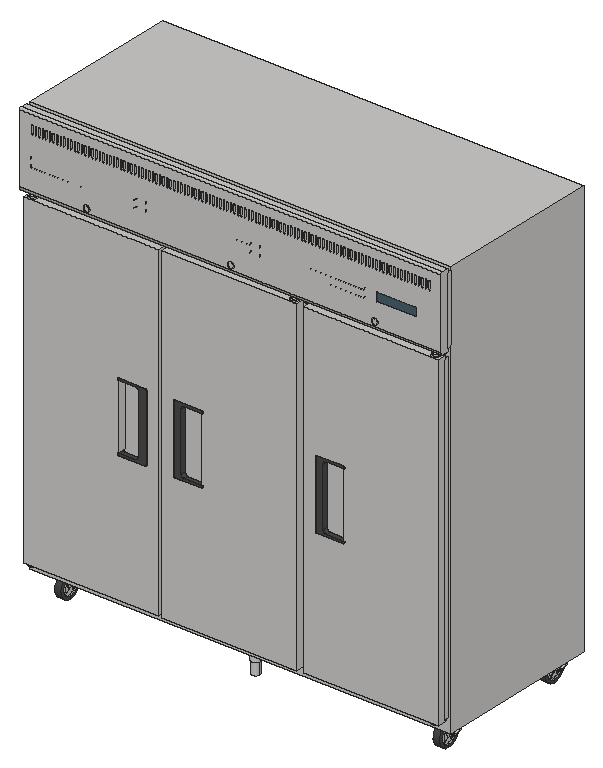
Revit family "QF_EVEREST_ES_3_cat", category Specialty Equipment, Revit 2015
Parameters (values of type "ESR3_115/60/1")
  Weight in Pounds = 576
  Watts = if(Phase = 3, Volts * FL Amps * 1.73, Volts * FL Amps)  # 1278.8 W
  Volts = 115 V
  URL Cutsheet = ""
  Specification by User = ""
  Specification by Manufacturer = ""
  Show Clearance [instance] = yes
  Serial Number = ""
  Seismic Rating = ""
  SMACNA No = ""
  Revision Code = ""
  Refrigerant Volume = 0.00 kip
  Refrigerant Type = "R290"
  Phase = 1
  Number of Poles = 1
  NAFEM Spec ID Number = ""
  Model = "ESR3"
  Min Ckt Ampacity = 0 A
  Max Overcurrent Protection = 0 A
  Masterspec = ""
  Manufacturer = "EVEREST"
  Length = 1900 mm
  Item Number = ""
  Installed By = ""
  Identify Quantity as Lot = yes
  Height = 2010 mm
  HP = "3/4"
  Furnished By = ""
  Foodservice Equipment Identifier = yes
  FL Amps = 11.12 A
  Electrical Remarks = ""
  Electric Connection Type = ""
  Elec Conn RI Height = 0 mm
  Elec Conn Connection Height = 0 mm
  Description = "UPRIGHT REACH–IN REFRIGERATOR"
  Depth = 803 mm
  Cycle = 60 Hz
  Conn Plug = "NEMA 5-15P"
  Conn Conduit = yes
  CSI MasterFormat = ""
  BTUH = 4445.0 Btu/h
  Apparent Power = 0 VA
Reference planes
  plane 1 "BACK": y = 0
  plane 2: z = 0
  plane 3 "LEFT": x = 0
  plane 4 "RIGHT": x = 1900
  plane 5 "FRONT": y = -803
  plane 6 "TOP": z = 2010
  plane 7 "Center Y": x = 950
  plane 8 "Center X": y = -401.5
  plane 9: y = -1386
  plane 10: z = 125
  plane 11: y = -750
Forms (mm)
  Extrusion 1, solid, material "QF_Metal - Stainless - Polished"
    sketch origin (0, 0, 0) x (0, 1, 0) y (0, 0, 1)
      loop
        line (0, 2010) -> (-750, 2010) -> (-750, 125) -> (0, 125) -> (0, 2010)
    from 0 to 1900
  Extrusion 2, solid, material "QF_Metal - Stainless - Polished"
    sketch origin (0, 0, 0) x (0, 1, 0) y (0, 0, 1)
      loop
        line (-765, 2010) -> (-794.973, 2010)
        arc (-794.973, 2010) -> (-800.649, 2007.649) -> (-803, 2001.973) r 8.027
        line (-803, 2001.973) -> (-803, 1687.87)
        arc (-803, 1687.87) -> (-799.172, 1678.628) -> (-789.93, 1674.8) r 13.07
        line (-789.93, 1674.8) -> (-765, 1674.8) -> (-765, 2010)
    from 0 to 1900
  Extrusion 3, solid, material "QF_Metal - Stainless - Polished"
    sketch origin (0, 0, 0) x (0, 1, 0) y (0, 0, 1)
      loop
        line (-765, 1688.8) -> (-758.141, 1688.8)
        arc (-758.141, 1688.8) -> (-757.087, 1689.01) -> (-756.193, 1689.607) r 2.754
        line (-756.193, 1689.607) -> (-750.858, 1694.942)
        arc (-750.858, 1694.942) -> (-750.223, 1695.892) -> (-750, 1697.014) r 2.93
        line (-750, 1697.014) -> (-750, 1990.992)
        arc (-750, 1990.992) -> (-750.222, 1992.108) -> (-750.854, 1993.054) r 2.916
        line (-750.854, 1993.054) -> (-755.935, 1998.135)
        arc (-755.935, 1998.135) -> (-757.115, 1998.923) -> (-758.506, 1999.2) r 3.637
        line (-758.506, 1999.2) -> (-765, 1999.2) -> (-765, 1688.8)
    from 0 to 1900
  Extrusion 4, solid, material "QF_Metal - Stainless - Polished"
    sketch origin (0, 0, 0) x (1, 0, 0) y (0, 0, 1)
      loop
        line (12.732, 172.5) -> (621.732, 172.5) -> (621.732, 1654) -> (12.732, 1654) -> (12.732, 172.5)
      loop
        line (562.725, 1071.5) -> (443.725, 1071.5)
        arc (443.725, 1071.5) -> (440.189, 1070.036) -> (438.725, 1066.5) r 5
        line (438.725, 1066.5) -> (438.725, 1061.5) -> (443.725, 1061.5) -> (443.725, 768.5) -> (438.725, 768.5) -> (438.725, 763.5)
        arc (438.725, 763.5) -> (440.189, 759.964) -> (443.725, 758.5) r 5
        line (443.725, 758.5) -> (562.725, 758.5)
        arc (562.725, 758.5) -> (566.26, 759.964) -> (567.725, 763.5) r 5
        line (567.725, 763.5) -> (567.725, 1066.5)
        arc (567.725, 1066.5) -> (566.26, 1070.036) -> (562.725, 1071.5) r 5
    from 765 to 800
  Extrusion 5, solid, material "QF_Metal - Stainless - Polished"
    sketch origin (0, 0, 0) x (0, 1, 0) y (0, 0, 1)
      loop
        line (-750, 1644) -> (-765, 1644) -> (-765, 182.5) -> (-750, 182.5) -> (-750, 1644)
    from 13 to 1887.268
  Extrusion 6, solid, material "QF_Plastic - Black - Smooth"
    sketch origin (0, 0, 0) x (1, 0, 0) y (0, 0, 1)
      loop
        line (562.725, 1071.5) -> (443.725, 1071.5)
        arc (443.725, 1071.5) -> (440.189, 1070.036) -> (438.725, 1066.5) r 5
        line (438.725, 1066.5) -> (438.725, 1061.5) -> (519.725, 1061.5)
        arc (519.725, 1061.5) -> (530.332, 1057.107) -> (534.725, 1046.5) r 15
        line (534.725, 1046.5) -> (534.725, 783.5)
        arc (534.725, 783.5) -> (530.332, 772.893) -> (519.725, 768.5) r 15
        line (519.725, 768.5) -> (438.725, 768.5) -> (438.725, 763.5)
        arc (438.725, 763.5) -> (440.189, 759.964) -> (443.725, 758.5) r 5
        line (443.725, 758.5) -> (562.725, 758.5)
        arc (562.725, 758.5) -> (566.26, 759.964) -> (567.725, 763.5) r 5
        line (567.725, 763.5) -> (567.725, 1066.5)
        arc (567.725, 1066.5) -> (566.26, 1070.036) -> (562.725, 1071.5) r 5
    from 780 to 800
  Extrusion 7, void
    sketch origin (0, -803, 2030) x (0, 0, -1) y (1, 0, 0)
      loop
        line (105, 61.992) -> (73, 61.992)
        arc (73, 61.992) -> (69, 57.992) -> (73, 53.992) r 4
        line (73, 53.992) -> (105, 53.992)
        arc (105, 53.992) -> (109, 57.992) -> (105, 61.992) r 4
      loop
        line (73, 69.992) -> (105, 69.992)
        arc (105, 69.992) -> (109, 73.992) -> (105, 77.992) r 4
        line (105, 77.992) -> (73, 77.992)
        arc (73, 77.992) -> (69, 73.992) -> (73, 69.992) r 4
      loop
        line (73, 85.992) -> (105, 85.992)
        arc (105, 85.992) -> (109, 89.992) -> (105, 93.992) r 4
        line (105, 93.992) -> (73, 93.992)
        arc (73, 93.992) -> (69, 89.992) -> (73, 85.992) r 4
      loop
        line (73, 101.992) -> (105, 101.992)
        arc (105, 101.992) -> (109, 105.992) -> (105, 109.992) r 4
        line (105, 109.992) -> (73, 109.992)
        arc (73, 109.992) -> (69, 105.992) -> (73, 101.992) r 4
      loop
        line (73, 117.992) -> (105, 117.992)
        arc (105, 117.992) -> (109, 121.992) -> (105, 125.992) r 4
        line (105, 125.992) -> (73, 125.992)
        arc (73, 125.992) -> (69, 121.992) -> (73, 117.992) r 4
      loop
        line (73, 133.992) -> (105, 133.992)
        arc (105, 133.992) -> (109, 137.992) -> (105, 141.992) r 4
        line (105, 141.992) -> (73, 141.992)
        arc (73, 141.992) -> (69, 137.992) -> (73, 133.992) r 4
      loop
        line (73, 149.992) -> (105, 149.992)
        arc (105, 149.992) -> (109, 153.992) -> (105, 157.992) r 4
        line (105, 157.992) -> (73, 157.992)
        arc (73, 157.992) -> (69, 153.992) -> (73, 149.992) r 4
      loop
        line (73, 165.992) -> (105, 165.992)
        arc (105, 165.992) -> (109, 169.992) -> (105, 173.992) r 4
        line (105, 173.992) -> (73, 173.992)
        arc (73, 173.992) -> (69, 169.992) -> (73, 165.992) r 4
      loop
        line (73, 181.992) -> (105, 181.992)
        arc (105, 181.992) -> (109, 185.992) -> (105, 189.992) r 4
        line (105, 189.992) -> (73, 189.992)
        arc (73, 189.992) -> (69, 185.992) -> (73, 181.992) r 4
      loop
        line (73, 197.992) -> (105, 197.992)
        arc (105, 197.992) -> (109, 201.992) -> (105, 205.992) r 4
        line (105, 205.992) -> (73, 205.992)
        arc (73, 205.992) -> (69, 201.992) -> (73, 197.992) r 4
      loop
        line (73, 213.992) -> (105, 213.992)
        arc (105, 213.992) -> (109, 217.992) -> (105, 221.992) r 4
        line (105, 221.992) -> (73, 221.992)
        arc (73, 221.992) -> (69, 217.992) -> (73, 213.992) r 4
      loop
        line (73, 229.992) -> (105, 229.992)
        arc (105, 229.992) -> (109, 233.992) -> (105, 237.992) r 4
        line (105, 237.992) -> (73, 237.992)
        arc (73, 237.992) -> (69, 233.992) -> (73, 229.992) r 4
      loop
        line (73, 245.992) -> (105, 245.992)
        arc (105, 245.992) -> (109, 249.992) -> (105, 253.992) r 4
        line (105, 253.992) -> (73, 253.992)
        arc (73, 253.992) -> (69, 249.992) -> (73, 245.992) r 4
      loop
        line (73, 261.992) -> (105, 261.992)
        arc (105, 261.992) -> (109, 265.992) -> (105, 269.992) r 4
        line (105, 269.992) -> (73, 269.992)
        arc (73, 269.992) -> (69, 265.992) -> (73, 261.992) r 4
      loop
        line (73, 277.992) -> (105, 277.992)
        arc (105, 277.992) -> (109, 281.992) -> (105, 285.992) r 4
        line (105, 285.992) -> (73, 285.992)
        arc (73, 285.992) -> (69, 281.992) -> (73, 277.992) r 4
      loop
        line (73, 293.992) -> (105, 293.992)
        arc (105, 293.992) -> (109, 297.992) -> (105, 301.992) r 4
        line (105, 301.992) -> (73, 301.992)
        arc (73, 301.992) -> (69, 297.992) -> (73, 293.992) r 4
      loop
        line (73, 309.992) -> (105, 309.992)
        arc (105, 309.992) -> (109, 313.992) -> (105, 317.992) r 4
        line (105, 317.992) -> (73, 317.992)
        arc (73, 317.992) -> (69, 313.992) -> (73, 309.992) r 4
      loop
        line (73, 325.992) -> (105, 325.992)
        arc (105, 325.992) -> (109, 329.992) -> (105, 333.992) r 4
        line (105, 333.992) -> (73, 333.992)
        arc (73, 333.992) -> (69, 329.992) -> (73, 325.992) r 4
      loop
        line (73, 341.992) -> (105, 341.992)
        arc (105, 341.992) -> (109, 345.992) -> (105, 349.992) r 4
        line (105, 349.992) -> (73, 349.992)
        arc (73, 349.992) -> (69, 345.992) -> (73, 341.992) r 4
      loop
        line (73, 357.992) -> (105, 357.992)
        arc (105, 357.992) -> (109, 361.992) -> (105, 365.992) r 4
        line (105, 365.992) -> (73, 365.992)
        arc (73, 365.992) -> (69, 361.992) -> (73, 357.992) r 4
      loop
        arc (73, 638.008) -> (69, 634.008) -> (73, 630.008) r 4
        line (73, 630.008) -> (105, 630.008)
        arc (105, 630.008) -> (109, 634.008) -> (105, 638.008) r 4
        line (105, 638.008) -> (73, 638.008)
      loop
        arc (73, 622.008) -> (69, 618.008) -> (73, 614.008) r 4
        line (73, 614.008) -> (105, 614.008)
        arc (105, 614.008) -> (109, 618.008) -> (105, 622.008) r 4
        line (105, 622.008) -> (73, 622.008)
      loop
        arc (73, 606.008) -> (69, 602.008) -> (73, 598.008) r 4
        line (73, 598.008) -> (105, 598.008)
        arc (105, 598.008) -> (109, 602.008) -> (105, 606.008) r 4
        line (105, 606.008) -> (73, 606.008)
      loop
        arc (73, 590.008) -> (69, 586.008) -> (73, 582.008) r 4
        line (73, 582.008) -> (105, 582.008)
        arc (105, 582.008) -> (109, 586.008) -> (105, 590.008) r 4
        line (105, 590.008) -> (73, 590.008)
      loop
        arc (73, 574.008) -> (69, 570.008) -> (73, 566.008) r 4
        line (73, 566.008) -> (105, 566.008)
        arc (105, 566.008) -> (109, 570.008) -> (105, 574.008) r 4
        line (105, 574.008) -> (73, 574.008)
      loop
        arc (73, 558.008) -> (69, 554.008) -> (73, 550.008) r 4
        line (73, 550.008) -> (105, 550.008)
        arc (105, 550.008) -> (109, 554.008) -> (105, 558.008) r 4
        line (105, 558.008) -> (73, 558.008)
      loop
        arc (73, 542.008) -> (69, 538.008) -> (73, 534.008) r 4
        line (73, 534.008) -> (105, 534.008)
        arc (105, 534.008) -> (109, 538.008) -> (105, 542.008) r 4
        line (105, 542.008) -> (73, 542.008)
      loop
        arc (73, 526.008) -> (69, 522.008) -> (73, 518.008) r 4
        line (73, 518.008) -> (105, 518.008)
        arc (105, 518.008) -> (109, 522.008) -> (105, 526.008) r 4
        line (105, 526.008) -> (73, 526.008)
      loop
        arc (73, 510.008) -> (69, 506.008) -> (73, 502.008) r 4
        line (73, 502.008) -> (105, 502.008)
        arc (105, 502.008) -> (109, 506.008) -> (105, 510.008) r 4
        line (105, 510.008) -> (73, 510.008)
      loop
        arc (73, 494.008) -> (69, 490.008) -> (73, 486.008) r 4
        line (73, 486.008) -> (105, 486.008)
        arc (105, 486.008) -> (109, 490.008) -> (105, 494.008) r 4
        line (105, 494.008) -> (73, 494.008)
      loop
        arc (73, 478.008) -> (69, 474.008) -> (73, 470.008) r 4
        line (73, 470.008) -> (105, 470.008)
        arc (105, 470.008) -> (109, 474.008) -> (105, 478.008) r 4
        line (105, 478.008) -> (73, 478.008)
      loop
        arc (73, 462.008) -> (69, 458.008) -> (73, 454.008) r 4
        line (73, 454.008) -> (105, 454.008)
        arc (105, 454.008) -> (109, 458.008) -> (105, 462.008) r 4
        line (105, 462.008) -> (73, 462.008)
      loop
        arc (73, 446.008) -> (69, 442.008) -> (73, 438.008) r 4
        line (73, 438.008) -> (105, 438.008)
        arc (105, 438.008) -> (109, 442.008) -> (105, 446.008) r 4
        line (105, 446.008) -> (73, 446.008)
      loop
        arc (73, 430.008) -> (69, 426.008) -> (73, 422.008) r 4
        line (73, 422.008) -> (105, 422.008)
        arc (105, 422.008) -> (109, 426.008) -> (105, 430.008) r 4
        line (105, 430.008) -> (73, 430.008)
      loop
        arc (73, 414.008) -> (69, 410.008) -> (73, 406.008) r 4
        line (73, 406.008) -> (105, 406.008)
        arc (105, 406.008) -> (109, 410.008) -> (105, 414.008) r 4
        line (105, 414.008) -> (73, 414.008)
      loop
        arc (73, 398.008) -> (69, 394.008) -> (73, 390.008) r 4
        line (73, 390.008) -> (105, 390.008)
        arc (105, 390.008) -> (109, 394.008) -> (105, 398.008) r 4
        line (105, 398.008) -> (73, 398.008)
      loop
        arc (73, 382.008) -> (69, 378.008) -> (73, 374.008) r 4
        line (73, 374.008) -> (105, 374.008)
        arc (105, 374.008) -> (109, 378.008) -> (105, 382.008) r 4
        line (105, 382.008) -> (73, 382.008)
      loop
        arc (73, 958.025) -> (69, 954.025) -> (73, 950.025) r 4
        line (73, 950.025) -> (105, 950.025)
        arc (105, 950.025) -> (109, 954.025) -> (105, 958.025) r 4
        line (105, 958.025) -> (73, 958.025)
      loop
        arc (73, 942.025) -> (69, 938.025) -> (73, 934.025) r 4
        line (73, 934.025) -> (105, 934.025)
        arc (105, 934.025) -> (109, 938.025) -> (105, 942.025) r 4
        line (105, 942.025) -> (73, 942.025)
      loop
        arc (73, 926.025) -> (69, 922.025) -> (73, 918.025) r 4
        line (73, 918.025) -> (105, 918.025)
        arc (105, 918.025) -> (109, 922.025) -> (105, 926.025) r 4
        line (105, 926.025) -> (73, 926.025)
      loop
        arc (73, 910.025) -> (69, 906.025) -> (73, 902.025) r 4
        line (73, 902.025) -> (105, 902.025)
        arc (105, 902.025) -> (109, 906.025) -> (105, 910.025) r 4
        line (105, 910.025) -> (73, 910.025)
      loop
        line (73, 646.008) -> (105, 646.008)
        arc (105, 646.008) -> (109, 650.008) -> (105, 654.008) r 4
        line (105, 654.008) -> (73, 654.008)
        arc (73, 654.008) -> (69, 650.008) -> (73, 646.008) r 4
      loop
        line (73, 662.008) -> (105, 662.008)
        arc (105, 662.008) -> (109, 666.008) -> (105, 670.008) r 4
        line (105, 670.008) -> (73, 670.008)
        arc (73, 670.008) -> (69, 666.008) -> (73, 662.008) r 4
      loop
        line (73, 678.008) -> (105, 678.008)
        arc (105, 678.008) -> (109, 682.008) -> (105, 686.008) r 4
        line (105, 686.008) -> (73, 686.008)
        arc (73, 686.008) -> (69, 682.008) -> (73, 678.008) r 4
      loop
        line (73, 694.008) -> (105, 694.008)
        arc (105, 694.008) -> (109, 698.008) -> (105, 702.008) r 4
        line (105, 702.008) -> (73, 702.008)
        arc (73, 702.008) -> (69, 698.008) -> (73, 694.008) r 4
      loop
        line (73, 710.008) -> (105, 710.008)
        arc (105, 710.008) -> (109, 714.008) -> (105, 718.008) r 4
        line (105, 718.008) -> (73, 718.008)
        arc (73, 718.008) -> (69, 714.008) -> (73, 710.008) r 4
      loop
        line (73, 726.008) -> (105, 726.008)
        arc (105, 726.008) -> (109, 730.008) -> (105, 734.008) r 4
        line (105, 734.008) -> (73, 734.008)
        arc (73, 734.008) -> (69, 730.008) -> (73, 726.008) r 4
      loop
        line (73, 742.008) -> (105, 742.008)
        arc (105, 742.008) -> (109, 746.008) -> (105, 750.008) r 4
        line (105, 750.008) -> (73, 750.008)
        arc (73, 750.008) -> (69, 746.008) -> (73, 742.008) r 4
      loop
        line (73, 758.008) -> (105, 758.008)
        arc (105, 758.008) -> (109, 762.008) -> (105, 766.008) r 4
        line (105, 766.008) -> (73, 766.008)
        arc (73, 766.008) -> (69, 762.008) -> (73, 758.008) r 4
      loop
        line (73, 774.008) -> (105, 774.008)
        arc (105, 774.008) -> (109, 778.008) -> (105, 782.008) r 4
        line (105, 782.008) -> (73, 782.008)
        arc (73, 782.008) -> (69, 778.008) -> (73, 774.008) r 4
      loop
        line (73, 790.008) -> (105, 790.008)
        arc (105, 790.008) -> (109, 794.008) -> (105, 798.008) r 4
        line (105, 798.008) -> (73, 798.008)
        arc (73, 798.008) -> (69, 794.008) -> (73, 790.008) r 4
      loop
        line (73, 806.008) -> (105, 806.008)
        arc (105, 806.008) -> (109, 810.008) -> (105, 814.008) r 4
        line (105, 814.008) -> (73, 814.008)
        arc (73, 814.008) -> (69, 810.008) -> (73, 806.008) r 4
      loop
        line (73, 822.008) -> (105, 822.008)
        arc (105, 822.008) -> (109, 826.008) -> (105, 830.008) r 4
        line (105, 830.008) -> (73, 830.008)
        arc (73, 830.008) -> (69, 826.008) -> (73, 822.008) r 4
      loop
        line (73, 838.008) -> (105, 838.008)
        arc (105, 838.008) -> (109, 842.008) -> (105, 846.008) r 4
        line (105, 846.008) -> (73, 846.008)
        arc (73, 846.008) -> (69, 842.008) -> (73, 838.008) r 4
      loop
        line (73, 854.008) -> (105, 854.008)
        arc (105, 854.008) -> (109, 858.008) -> (105, 862.008) r 4
        line (105, 862.008) -> (73, 862.008)
        arc (73, 862.008) -> (69, 858.008) -> (73, 854.008) r 4
      loop
        line (73, 870.008) -> (105, 870.008)
        arc (105, 870.008) -> (109, 874.008) -> (105, 878.008) r 4
        line (105, 878.008) -> (73, 878.008)
        arc (73, 878.008) -> (69, 874.008) -> (73, 870.008) r 4
      loop
        line (73, 886.008) -> (105, 886.008)
        arc (105, 886.008) -> (109, 890.008) -> (105, 894.008) r 4
        line (105, 894.008) -> (73, 894.008)
        arc (73, 894.008) -> (69, 890.008) -> (73, 886.008) r 4
      loop
        arc (105, 1846.058) -> (109, 1850.058) -> (105, 1854.058) r 4
        line (105, 1854.058) -> (73, 1854.058)
        arc (73, 1854.058) -> (69, 1850.058) -> (73, 1846.058) r 4
        line (73, 1846.058) -> (105, 1846.058)
      loop
        arc (73, 1838.058) -> (69, 1834.058) -> (73, 1830.058) r 4
        line (73, 1830.058) -> (105, 1830.058)
        arc (105, 1830.058) -> (109, 1834.058) -> (105, 1838.058) r 4
        line (105, 1838.058) -> (73, 1838.058)
      loop
        arc (73, 1822.058) -> (69, 1818.058) -> (73, 1814.058) r 4
        line (73, 1814.058) -> (105, 1814.058)
        arc (105, 1814.058) -> (109, 1818.058) -> (105, 1822.058) r 4
        line (105, 1822.058) -> (73, 1822.058)
      loop
        arc (73, 1806.058) -> (69, 1802.058) -> (73, 1798.058) r 4
        line (73, 1798.058) -> (105, 1798.058)
        arc (105, 1798.058) -> (109, 1802.058) -> (105, 1806.058) r 4
        line (105, 1806.058) -> (73, 1806.058)
      loop
        arc (73, 1790.058) -> (69, 1786.058) -> (73, 1782.058) r 4
        line (73, 1782.058) -> (105, 1782.058)
        arc (105, 1782.058) -> (109, 1786.058) -> (105, 1790.058) r 4
        line (105, 1790.058) -> (73, 1790.058)
      loop
        arc (73, 1774.058) -> (69, 1770.058) -> (73, 1766.058) r 4
        line (73, 1766.058) -> (105, 1766.058)
        arc (105, 1766.058) -> (109, 1770.058) -> (105, 1774.058) r 4
        line (105, 1774.058) -> (73, 1774.058)
      loop
        arc (73, 1758.058) -> (69, 1754.058) -> (73, 1750.058) r 4
        line (73, 1750.058) -> (105, 1750.058)
        arc (105, 1750.058) -> (109, 1754.058) -> (105, 1758.058) r 4
        line (105, 1758.058) -> (73, 1758.058)
      loop
        arc (73, 1742.058) -> (69, 1738.058) -> (73, 1734.058) r 4
        line (73, 1734.058) -> (105, 1734.058)
        arc (105, 1734.058) -> (109, 1738.058) -> (105, 1742.058) r 4
        line (105, 1742.058) -> (73, 1742.058)
      loop
        arc (73, 1726.058) -> (69, 1722.058) -> (73, 1718.058) r 4
        line (73, 1718.058) -> (105, 1718.058)
        arc (105, 1718.058) -> (109, 1722.058) -> (105, 1726.058) r 4
        line (105, 1726.058) -> (73, 1726.058)
      loop
        arc (73, 1710.058) -> (69, 1706.058) -> (73, 1702.058) r 4
        line (73, 1702.058) -> (105, 1702.058)
        arc (105, 1702.058) -> (109, 1706.058) -> (105, 1710.058) r 4
        line (105, 1710.058) -> (73, 1710.058)
      loop
        arc (73, 1694.058) -> (69, 1690.058) -> (73, 1686.058) r 4
        line (73, 1686.058) -> (105, 1686.058)
        arc (105, 1686.058) -> (109, 1690.058) -> (105, 1694.058) r 4
        line (105, 1694.058) -> (73, 1694.058)
      loop
        arc (73, 1678.058) -> (69, 1674.058) -> (73, 1670.058) r 4
        line (73, 1670.058) -> (105, 1670.058)
        arc (105, 1670.058) -> (109, 1674.058) -> (105, 1678.058) r 4
        line (105, 1678.058) -> (73, 1678.058)
      loop
        arc (73, 1662.058) -> (69, 1658.058) -> (73, 1654.058) r 4
        line (73, 1654.058) -> (105, 1654.058)
        arc (105, 1654.058) -> (109, 1658.058) -> (105, 1662.058) r 4
        line (105, 1662.058) -> (73, 1662.058)
      loop
        arc (73, 1646.058) -> (69, 1642.058) -> (73, 1638.058) r 4
        line (73, 1638.058) -> (105, 1638.058)
        arc (105, 1638.058) -> (109, 1642.058) -> (105, 1646.058) r 4
        line (105, 1646.058) -> (73, 1646.058)
      loop
        arc (73, 1630.058) -> (69, 1626.058) -> (73, 1622.058) r 4
        line (73, 1622.058) -> (105, 1622.058)
        arc (105, 1622.058) -> (109, 1626.058) -> (105, 1630.058) r 4
        line (105, 1630.058) -> (73, 1630.058)
      loop
        arc (73, 1614.058) -> (69, 1610.058) -> (73, 1606.058) r 4
        line (73, 1606.058) -> (105, 1606.058)
        arc (105, 1606.058) -> (109, 1610.058) -> (105, 1614.058) r 4
        line (105, 1614.058) -> (73, 1614.058)
      loop
        arc (73, 1598.058) -> (69, 1594.058) -> (73, 1590.058) r 4
        line (73, 1590.058) -> (105, 1590.058)
        arc (105, 1590.058) -> (109, 1594.058) -> (105, 1598.058) r 4
        line (105, 1598.058) -> (73, 1598.058)
      loop
        arc (73, 1582.058) -> (69, 1578.058) -> (73, 1574.058) r 4
        line (73, 1574.058) -> (105, 1574.058)
        arc (105, 1574.058) -> (109, 1578.058) -> (105, 1582.058) r 4
        line (105, 1582.058) -> (73, 1582.058)
      loop
        arc (73, 1566.058) -> (69, 1562.058) -> (73, 1558.058) r 4
        line (73, 1558.058) -> (105, 1558.058)
        arc (105, 1558.058) -> (109, 1562.058) -> (105, 1566.058) r 4
        line (105, 1566.058) -> (73, 1566.058)
      loop
        arc (73, 1550.058) -> (69, 1546.058) -> (73, 1542.058) r 4
        line (73, 1542.058) -> (105, 1542.058)
        arc (105, 1542.058) -> (109, 1546.058) -> (105, 1550.058) r 4
        line (105, 1550.058) -> (73, 1550.058)
      loop
        line (73, 1270.041) -> (105, 1270.041)
        arc (105, 1270.041) -> (109, 1274.041) -> (105, 1278.041) r 4
        line (105, 1278.041) -> (73, 1278.041)
        arc (73, 1278.041) -> (69, 1274.041) -> (73, 1270.041) r 4
      loop
        line (73, 1286.041) -> (105, 1286.041)
        arc (105, 1286.041) -> (109, 1290.041) -> (105, 1294.041) r 4
        line (105, 1294.041) -> (73, 1294.041)
        arc (73, 1294.041) -> (69, 1290.041) -> (73, 1286.041) r 4
      loop
        line (73, 1302.041) -> (105, 1302.041)
        arc (105, 1302.041) -> (109, 1306.041) -> (105, 1310.041) r 4
        line (105, 1310.041) -> (73, 1310.041)
        arc (73, 1310.041) -> (69, 1306.041) -> (73, 1302.041) r 4
      loop
        line (73, 1318.041) -> (105, 1318.041)
        arc (105, 1318.041) -> (109, 1322.041) -> (105, 1326.041) r 4
        line (105, 1326.041) -> (73, 1326.041)
        arc (73, 1326.041) -> (69, 1322.041) -> (73, 1318.041) r 4
      loop
        line (73, 1334.041) -> (105, 1334.041)
        arc (105, 1334.041) -> (109, 1338.041) -> (105, 1342.041) r 4
        line (105, 1342.041) -> (73, 1342.041)
        arc (73, 1342.041) -> (69, 1338.041) -> (73, 1334.041) r 4
      loop
        line (73, 1350.041) -> (105, 1350.041)
        arc (105, 1350.041) -> (109, 1354.041) -> (105, 1358.041) r 4
        line (105, 1358.041) -> (73, 1358.041)
        arc (73, 1358.041) -> (69, 1354.041) -> (73, 1350.041) r 4
      loop
        line (73, 1366.041) -> (105, 1366.041)
        arc (105, 1366.041) -> (109, 1370.041) -> (105, 1374.041) r 4
        line (105, 1374.041) -> (73, 1374.041)
        arc (73, 1374.041) -> (69, 1370.041) -> (73, 1366.041) r 4
      loop
        line (73, 1382.041) -> (105, 1382.041)
        arc (105, 1382.041) -> (109, 1386.041) -> (105, 1390.041) r 4
        line (105, 1390.041) -> (73, 1390.041)
        arc (73, 1390.041) -> (69, 1386.041) -> (73, 1382.041) r 4
      loop
        line (73, 1398.041) -> (105, 1398.041)
        arc (105, 1398.041) -> (109, 1402.041) -> (105, 1406.041) r 4
        line (105, 1406.041) -> (73, 1406.041)
        arc (73, 1406.041) -> (69, 1402.041) -> (73, 1398.041) r 4
      loop
        line (73, 1414.041) -> (105, 1414.041)
        arc (105, 1414.041) -> (109, 1418.041) -> (105, 1422.041) r 4
        line (105, 1422.041) -> (73, 1422.041)
        arc (73, 1422.041) -> (69, 1418.041) -> (73, 1414.041) r 4
      loop
        line (73, 1430.041) -> (105, 1430.041)
        arc (105, 1430.041) -> (109, 1434.041) -> (105, 1438.041) r 4
        line (105, 1438.041) -> (73, 1438.041)
        arc (73, 1438.041) -> (69, 1434.041) -> (73, 1430.041) r 4
      loop
        line (73, 1446.041) -> (105, 1446.041)
        arc (105, 1446.041) -> (109, 1450.041) -> (105, 1454.041) r 4
        line (105, 1454.041) -> (73, 1454.041)
        arc (73, 1454.041) -> (69, 1450.041) -> (73, 1446.041) r 4
      loop
        line (73, 1462.041) -> (105, 1462.041)
        arc (105, 1462.041) -> (109, 1466.041) -> (105, 1470.041) r 4
        line (105, 1470.041) -> (73, 1470.041)
        arc (73, 1470.041) -> (69, 1466.041) -> (73, 1462.041) r 4
      loop
        line (73, 1478.041) -> (105, 1478.041)
        arc (105, 1478.041) -> (109, 1482.041) -> (105, 1486.041) r 4
        line (105, 1486.041) -> (73, 1486.041)
        arc (73, 1486.041) -> (69, 1482.041) -> (73, 1478.041) r 4
      loop
        line (73, 1494.041) -> (105, 1494.041)
        arc (105, 1494.041) -> (109, 1498.041) -> (105, 1502.041) r 4
        line (105, 1502.041) -> (73, 1502.041)
        arc (73, 1502.041) -> (69, 1498.041) -> (73, 1494.041) r 4
      loop
        line (73, 1510.041) -> (105, 1510.041)
        arc (105, 1510.041) -> (109, 1514.041) -> (105, 1518.041) r 4
        line (105, 1518.041) -> (73, 1518.041)
        arc (73, 1518.041) -> (69, 1514.041) -> (73, 1510.041) r 4
      loop
        line (73, 1526.041) -> (105, 1526.041)
        arc (105, 1526.041) -> (109, 1530.041) -> (105, 1534.041) r 4
        line (105, 1534.041) -> (73, 1534.041)
        arc (73, 1534.041) -> (69, 1530.041) -> (73, 1526.041) r 4
      loop
        line (73, 966.025) -> (105, 966.025)
        arc (105, 966.025) -> (109, 970.025) -> (105, 974.025) r 4
        line (105, 974.025) -> (73, 974.025)
        arc (73, 974.025) -> (69, 970.025) -> (73, 966.025) r 4
      loop
        line (73, 982.025) -> (105, 982.025)
        arc (105, 982.025) -> (109, 986.025) -> (105, 990.025) r 4
        line (105, 990.025) -> (73, 990.025)
        arc (73, 990.025) -> (69, 986.025) -> (73, 982.025) r 4
      loop
        line (73, 998.025) -> (105, 998.025)
        arc (105, 998.025) -> (109, 1002.025) -> (105, 1006.025) r 4
        line (105, 1006.025) -> (73, 1006.025)
        arc (73, 1006.025) -> (69, 1002.025) -> (73, 998.025) r 4
      loop
        arc (73, 1262.041) -> (69, 1258.041) -> (73, 1254.041) r 4
        line (73, 1254.041) -> (105, 1254.041)
        arc (105, 1254.041) -> (109, 1258.041) -> (105, 1262.041) r 4
        line (105, 1262.041) -> (73, 1262.041)
      loop
        arc (73, 1246.041) -> (69, 1242.041) -> (73, 1238.041) r 4
        line (73, 1238.041) -> (105, 1238.041)
        arc (105, 1238.041) -> (109, 1242.041) -> (105, 1246.041) r 4
        line (105, 1246.041) -> (73, 1246.041)
      loop
        arc (73, 1230.041) -> (69, 1226.041) -> (73, 1222.041) r 4
        line (73, 1222.041) -> (105, 1222.041)
        arc (105, 1222.041) -> (109, 1226.041) -> (105, 1230.041) r 4
        line (105, 1230.041) -> (73, 1230.041)
      loop
        arc (73, 1214.041) -> (69, 1210.041) -> (73, 1206.041) r 4
        line (73, 1206.041) -> (105, 1206.041)
        arc (105, 1206.041) -> (109, 1210.041) -> (105, 1214.041) r 4
        line (105, 1214.041) -> (73, 1214.041)
      loop
        arc (73, 1198.041) -> (69, 1194.041) -> (73, 1190.041) r 4
        line (73, 1190.041) -> (105, 1190.041)
        arc (105, 1190.041) -> (109, 1194.041) -> (105, 1198.041) r 4
        line (105, 1198.041) -> (73, 1198.041)
      loop
        arc (73, 1182.041) -> (69, 1178.041) -> (73, 1174.041) r 4
        line (73, 1174.041) -> (105, 1174.041)
        arc (105, 1174.041) -> (109, 1178.041) -> (105, 1182.041) r 4
        line (105, 1182.041) -> (73, 1182.041)
      loop
        arc (73, 1166.041) -> (69, 1162.041) -> (73, 1158.041) r 4
        line (73, 1158.041) -> (105, 1158.041)
        arc (105, 1158.041) -> (109, 1162.041) -> (105, 1166.041) r 4
        line (105, 1166.041) -> (73, 1166.041)
      loop
        arc (73, 1150.041) -> (69, 1146.041) -> (73, 1142.041) r 4
        line (73, 1142.041) -> (105, 1142.041)
        arc (105, 1142.041) -> (109, 1146.041) -> (105, 1150.041) r 4
        line (105, 1150.041) -> (73, 1150.041)
      loop
        arc (73, 1134.041) -> (69, 1130.041) -> (73, 1126.041) r 4
        line (73, 1126.041) -> (105, 1126.041)
        arc (105, 1126.041) -> (109, 1130.041) -> (105, 1134.041) r 4
        line (105, 1134.041) -> (73, 1134.041)
      loop
        arc (73, 1118.041) -> (69, 1114.041) -> (73, 1110.041) r 4
        line (73, 1110.041) -> (105, 1110.041)
        arc (105, 1110.041) -> (109, 1114.041) -> (105, 1118.041) r 4
        line (105, 1118.041) -> (73, 1118.041)
      loop
        arc (73, 1102.041) -> (69, 1098.041) -> (73, 1094.041) r 4
        line (73, 1094.041) -> (105, 1094.041)
        arc (105, 1094.041) -> (109, 1098.041) -> (105, 1102.041) r 4
        line (105, 1102.041) -> (73, 1102.041)
      loop
        arc (73, 1086.041) -> (69, 1082.041) -> (73, 1078.041) r 4
        line (73, 1078.041) -> (105, 1078.041)
        arc (105, 1078.041) -> (109, 1082.041) -> (105, 1086.041) r 4
        line (105, 1086.041) -> (73, 1086.041)
      loop
        arc (73, 1070.041) -> (69, 1066.041) -> (73, 1062.041) r 4
        line (73, 1062.041) -> (105, 1062.041)
        arc (105, 1062.041) -> (109, 1066.041) -> (105, 1070.041) r 4
        line (105, 1070.041) -> (73, 1070.041)
      loop
        arc (73, 1054.041) -> (69, 1050.041) -> (73, 1046.041) r 4
        line (73, 1046.041) -> (105, 1046.041)
        arc (105, 1046.041) -> (109, 1050.041) -> (105, 1054.041) r 4
        line (105, 1054.041) -> (73, 1054.041)
      loop
        arc (73, 1038.041) -> (69, 1034.041) -> (73, 1030.041) r 4
        line (73, 1030.041) -> (105, 1030.041)
        arc (105, 1030.041) -> (109, 1034.041) -> (105, 1038.041) r 4
        line (105, 1038.041) -> (73, 1038.041)
      loop
        arc (73, 1022.041) -> (69, 1018.041) -> (73, 1014.041) r 4
        line (73, 1014.041) -> (105, 1014.041)
        arc (105, 1014.041) -> (109, 1018.041) -> (105, 1022.041) r 4
        line (105, 1022.041) -> (73, 1022.041)
      loop
        line (200.068, 49.996) -> (204.502, 49.996)
        arc (204.502, 49.996) -> (208.038, 51.461) -> (209.502, 54.996) r 5
        line (209.502, 54.996) -> (209.502, 521)
        arc (209.502, 521) -> (208.038, 524.536) -> (204.502, 526) r 5
        line (204.502, 526) -> (200.068, 526)
        arc (200.068, 526) -> (203.604, 524.532) -> (205.068, 520.996) r 5
        line (205.068, 520.996) -> (205.068, 55)
        arc (205.068, 55) -> (203.604, 51.465) -> (200.068, 49.996) r 5
      loop
        line (233.068, 49.996) -> (237.502, 49.996)
        arc (237.502, 49.996) -> (241.038, 51.461) -> (242.502, 54.996) r 5
        line (242.502, 54.996) -> (242.502, 521)
        arc (242.502, 521) -> (241.038, 524.536) -> (237.502, 526) r 5
        line (237.502, 526) -> (233.068, 526)
        arc (233.068, 526) -> (236.604, 524.532) -> (238.068, 520.996) r 5
        line (238.068, 520.996) -> (238.068, 55)
        arc (238.068, 55) -> (236.604, 51.465) -> (233.068, 49.996) r 5
      loop
        line (200.068, 565.996) -> (204.502, 565.996)
        arc (204.502, 565.996) -> (208.038, 567.461) -> (209.502, 570.996) r 5
        line (209.502, 570.996) -> (209.502, 1037)
        arc (209.502, 1037) -> (208.038, 1040.536) -> (204.502, 1042) r 5
        line (204.502, 1042) -> (200.068, 1042)
        arc (200.068, 1042) -> (203.604, 1040.532) -> (205.068, 1036.996) r 5
        line (205.068, 1036.996) -> (205.068, 571)
        arc (205.068, 571) -> (203.604, 567.465) -> (200.068, 565.996) r 5
      loop
        line (233.068, 565.996) -> (237.502, 565.996)
        arc (237.502, 565.996) -> (241.038, 567.461) -> (242.502, 570.996) r 5
        line (242.502, 570.996) -> (242.502, 1037)
        arc (242.502, 1037) -> (241.038, 1040.536) -> (237.502, 1042) r 5
        line (237.502, 1042) -> (233.068, 1042)
        arc (233.068, 1042) -> (236.604, 1040.532) -> (238.068, 1036.996) r 5
        line (238.068, 1036.996) -> (238.068, 571)
        arc (238.068, 571) -> (236.604, 567.465) -> (233.068, 565.996) r 5
      loop
        line (200.068, 1081.996) -> (204.502, 1081.996)
        arc (204.502, 1081.996) -> (208.038, 1083.461) -> (209.502, 1086.996) r 5
        line (209.502, 1086.996) -> (209.502, 1553)
        arc (209.502, 1553) -> (208.038, 1556.536) -> (204.502, 1558) r 5
        line (204.502, 1558) -> (200.068, 1558)
        arc (200.068, 1558) -> (203.604, 1556.532) -> (205.068, 1552.996) r 5
        line (205.068, 1552.996) -> (205.068, 1087)
        arc (205.068, 1087) -> (203.604, 1083.465) -> (200.068, 1081.996) r 5
      loop
        line (233.068, 1081.996) -> (237.502, 1081.996)
        arc (237.502, 1081.996) -> (241.038, 1083.461) -> (242.502, 1086.996) r 5
        line (242.502, 1086.996) -> (242.502, 1553)
        arc (242.502, 1553) -> (241.038, 1556.536) -> (237.502, 1558) r 5
        line (237.502, 1558) -> (233.068, 1558)
        arc (233.068, 1558) -> (236.604, 1556.532) -> (238.068, 1552.996) r 5
        line (238.068, 1552.996) -> (238.068, 1087)
        arc (238.068, 1087) -> (236.604, 1083.465) -> (233.068, 1081.996) r 5
      loop
        arc (237.273, 1608.25) -> (238.742, 1608.859) -> (239.351, 1610.328) r 2.078
        line (239.351, 1610.328) -> (239.351, 1785.72)
        arc (239.351, 1785.72) -> (238.756, 1787.156) -> (237.32, 1787.75) r 2.03
        line (237.32, 1787.75) -> (199.35, 1787.75)
        arc (199.35, 1787.75) -> (197.936, 1787.165) -> (197.351, 1785.751) r 1.997
        line (197.351, 1785.751) -> (197.351, 1610.25)
        arc (197.351, 1610.25) -> (197.936, 1608.835) -> (199.35, 1608.25) r 1.997
        line (199.35, 1608.25) -> (237.273, 1608.25)
    from 0 to -3
  Extrusion 8, solid, material "QF_Metal - Stainless - Polished"
    sketch origin (627.273, 0, 172.5) x (0, -1, 0) y (-1, 0, 0)
      loop
        circle (784, -591.732) r 10
    from 0 to 5
  Extrusion 9, solid, material "QF_Metal - Stainless - Polished"
    sketch origin (627.273, 0, 172.5) x (0, -1, 0) y (-1, 0, 0)
      loop
        arc (789.13, -605.827) -> (798.772, -589.127) -> (784, -576.732) r 15
        line (784, -576.732) -> (750, -570.737) -> (750, -612.727) -> (789.13, -605.827)
      loop
        circle (784, -591.732) r 10
    from 0 to 2.5
  Extrusion 10, solid, material "QF_Metal - Stainless - Polished"
    sketch origin (-10.995, 0, 1654) x (1, 0, 0) y (0, 1, 0)
      loop
        circle (1230, -784) r 10
    from 0 to 5
  Extrusion 11, solid, material "QF_Metal - Stainless - Polished"
    sketch origin (-10.995, 0, 1654) x (1, 0, 0) y (0, 1, 0)
      loop
        line (1244.095, -789.13) -> (1250.995, -750) -> (1209.005, -750) -> (1215, -784)
        arc (1215, -784) -> (1227.395, -798.772) -> (1244.095, -789.13) r 15
      loop
        circle (1230, -784) r 10
    from 0 to 2.5
  Extrusion 12, solid, material "QF_Metal - Stainless - Polished"
    sketch origin (1260, 0, 0) x (-1, 0, 0) y (0, 0, -1)
      loop
        line (12.732, -172.5) -> (12.732, -1654) -> (621.732, -1654) -> (621.732, -172.5) -> (12.732, -172.5)
      loop
        line (443.725, -768.5) -> (443.725, -1061.5) -> (438.725, -1061.5) -> (438.725, -1066.5)
        arc (438.725, -1066.5) -> (440.189, -1070.036) -> (443.725, -1071.5) r 5
        line (443.725, -1071.5) -> (562.725, -1071.5)
        arc (562.725, -1071.5) -> (566.26, -1070.036) -> (567.725, -1066.5) r 5
        line (567.725, -1066.5) -> (567.725, -763.5)
        arc (567.725, -763.5) -> (566.26, -759.964) -> (562.725, -758.5) r 5
        line (562.725, -758.5) -> (443.725, -758.5)
        arc (443.725, -758.5) -> (440.189, -759.964) -> (438.725, -763.5) r 5
        line (438.725, -763.5) -> (438.725, -768.5) -> (443.725, -768.5)
    from 765 to 800
  Extrusion 13, solid, material "QF_Plastic - Black - Smooth"
    sketch origin (1260, 0, 0) x (-1, 0, 0) y (0, 0, -1)
      loop
        arc (562.725, -1071.5) -> (566.26, -1070.036) -> (567.725, -1066.5) r 5
        line (567.725, -1066.5) -> (567.725, -763.5)
        arc (567.725, -763.5) -> (566.26, -759.964) -> (562.725, -758.5) r 5
        line (562.725, -758.5) -> (443.725, -758.5)
        arc (443.725, -758.5) -> (440.189, -759.964) -> (438.725, -763.5) r 5
        line (438.725, -763.5) -> (438.725, -768.5) -> (519.725, -768.5)
        arc (519.725, -768.5) -> (530.332, -772.893) -> (534.725, -783.5) r 15
        line (534.725, -783.5) -> (534.725, -1046.5)
        arc (534.725, -1046.5) -> (530.332, -1057.107) -> (519.725, -1061.5) r 15
        line (519.725, -1061.5) -> (438.725, -1061.5) -> (438.725, -1066.5)
        arc (438.725, -1066.5) -> (440.189, -1070.036) -> (443.725, -1071.5) r 5
        line (443.725, -1071.5) -> (562.725, -1071.5)
    from 780 to 800
  Extrusion 14, solid, material "QF_Metal - Stainless - Polished"
    sketch origin (0, 0, 1980) x (0, 0, 1) y (1, 0, 0)
      loop
        circle (-239.948, 1270) r 6.35
    from 0 to 10
  Extrusion 15, void
    sketch origin (0, -803, 2030) x (0, 0, -1) y (1, 0, 0)
      loop
        circle (322.996, 950) r 13.25
      loop
        circle (322.996, 300) r 13.25
      loop
        circle (322.996, 1600) r 13.25
    from 0 to -5
  Extrusion 16, solid, material "QF_Metal - Stainless - Polished"
    sketch origin (1900, 0, 0) x (-1, 0, 0) y (0, 0, -1)
      loop
        line (12.732, -172.5) -> (12.732, -1654) -> (621.732, -1654) -> (621.732, -172.5) -> (12.732, -172.5)
      loop
        arc (562.725, -1071.5) -> (566.26, -1070.036) -> (567.725, -1066.5) r 5
        line (567.725, -1066.5) -> (567.725, -763.5)
        arc (567.725, -763.5) -> (566.26, -759.964) -> (562.725, -758.5) r 5
        line (562.725, -758.5) -> (443.725, -758.5)
        arc (443.725, -758.5) -> (440.189, -759.964) -> (438.725, -763.5) r 5
        line (438.725, -763.5) -> (438.725, -768.5) -> (443.725, -768.5) -> (443.725, -1061.5) -> (438.725, -1061.5) -> (438.725, -1066.5)
        arc (438.725, -1066.5) -> (440.189, -1070.036) -> (443.725, -1071.5) r 5
        line (443.725, -1071.5) -> (562.725, -1071.5)
    from 765 to 800
  Extrusion 17, solid, material "QF_Plastic - Black - Smooth"
    sketch origin (1900, 0, 0) x (-1, 0, 0) y (0, 0, -1)
      loop
        arc (562.725, -1071.5) -> (566.26, -1070.036) -> (567.725, -1066.5) r 5
        line (567.725, -1066.5) -> (567.725, -763.5)
        arc (567.725, -763.5) -> (566.26, -759.964) -> (562.725, -758.5) r 5
        line (562.725, -758.5) -> (443.725, -758.5)
        arc (443.725, -758.5) -> (440.189, -759.964) -> (438.725, -763.5) r 5
        line (438.725, -763.5) -> (438.725, -768.5) -> (519.725, -768.5)
        arc (519.725, -768.5) -> (530.332, -772.893) -> (534.725, -783.5) r 15
        line (534.725, -783.5) -> (534.725, -1046.5)
        arc (534.725, -1046.5) -> (530.332, -1057.107) -> (519.725, -1061.5) r 15
        line (519.725, -1061.5) -> (438.725, -1061.5) -> (438.725, -1066.5)
        arc (438.725, -1066.5) -> (440.189, -1070.036) -> (443.725, -1071.5) r 5
        line (443.725, -1071.5) -> (562.725, -1071.5)
    from 780 to 800
  Extrusion 18, solid, material "QF_Metal - Stainless - Polished"
    sketch origin (632.727, 0, 172.5) x (0, 1, 0) y (1, 0, 0)
      loop
        circle (-784, -591.732) r 10
    from 0 to 5
  Extrusion 19, solid, material "QF_Metal - Stainless - Polished"
    sketch origin (632.727, 0, 172.5) x (0, 1, 0) y (1, 0, 0)
      loop
        line (-789.13, -605.827) -> (-750, -612.727) -> (-750, -570.737) -> (-784, -576.732)
        arc (-784, -576.732) -> (-798.772, -589.127) -> (-789.13, -605.827) r 15
      loop
        circle (-784, -591.732) r 10
    from 0 to 2.5
  Extrusion 20, solid, material "QF_Metal - Stainless - Polished"
    sketch origin (1270.995, 0, 1654) x (-1, 0, 0) y (0, -1, 0)
      loop
        circle (1230, 784) r 10
    from 0 to 5
  Extrusion 21, solid, material "QF_Metal - Stainless - Polished"
    sketch origin (1270.995, 0, 1654) x (-1, 0, 0) y (0, -1, 0)
      loop
        arc (1244.095, 789.13) -> (1227.395, 798.772) -> (1215, 784) r 15
        line (1215, 784) -> (1209.005, 750) -> (1250.995, 750) -> (1244.095, 789.13)
      loop
        circle (1230, 784) r 10
    from 0 to 2.5
  Extrusion 22, solid, material "QF_Metal - Stainless - Polished"
    sketch origin (1267.273, 0, 172.5) x (0, -1, 0) y (-1, 0, 0)
      loop
        circle (784, -591.732) r 10
    from 0 to 5
  Extrusion 23, solid, material "QF_Metal - Stainless - Polished"
    sketch origin (1267.273, 0, 172.5) x (0, -1, 0) y (-1, 0, 0)
      loop
        arc (789.13, -605.827) -> (798.772, -589.127) -> (784, -576.732) r 15
        line (784, -576.732) -> (750, -570.737) -> (750, -612.727) -> (789.13, -605.827)
      loop
        circle (784, -591.732) r 10
    from 0 to 2.5
  Extrusion 24, solid, material "QF_Metal - Stainless - Polished"
    sketch origin (629.005, 0, 1654) x (1, 0, 0) y (0, 1, 0)
      loop
        circle (1230, -784) r 10
    from 0 to 5
  Extrusion 25, solid, material "QF_Metal - Stainless - Polished"
    sketch origin (629.005, 0, 1654) x (1, 0, 0) y (0, 1, 0)
      loop
        line (1244.095, -789.13) -> (1250.995, -750) -> (1209.005, -750) -> (1215, -784)
        arc (1215, -784) -> (1227.395, -798.772) -> (1244.095, -789.13) r 15
      loop
        circle (1230, -784) r 10
    from 0 to 2.5
  Extrusion 26, solid, material "QF_Door-Drawer Clearances", visible <- "Show Clearance", detail levels coarse
    sketch origin (0, 0, 0) x (1, 0, 0) y (0, 1, 0)
      loop
        line (12.992, -800) -> (12.992, -1386)
        arc (12.992, -1386) -> (438.069, -1218.394) -> (621.723, -800) r 599.764
        line (621.723, -800) -> (12.992, -800)
      loop
        line (1247.025, -800) -> (638.293, -800)
        arc (638.293, -800) -> (821.948, -1218.394) -> (1247.025, -1386) r 599.764
        line (1247.025, -1386) -> (1247.025, -800)
      loop
        line (1887.025, -800) -> (1278.293, -800)
        arc (1278.293, -800) -> (1461.948, -1218.394) -> (1887.025, -1386) r 599.764
        line (1887.025, -1386) -> (1887.025, -800)
    from 172.5 to 1654
  Extrusion 27, solid, material "Glass"
    sketch origin (0, -800, 2030) x (0, 0, -1) y (1, 0, 0)
      loop
        arc (237.273, 1608.25) -> (238.742, 1608.859) -> (239.351, 1610.328) r 2.078
        line (239.351, 1610.328) -> (239.351, 1785.72)
        arc (239.351, 1785.72) -> (238.756, 1787.156) -> (237.32, 1787.75) r 2.03
        line (237.32, 1787.75) -> (199.35, 1787.75)
        arc (199.35, 1787.75) -> (197.936, 1787.165) -> (197.351, 1785.751) r 1.997
        line (197.351, 1785.751) -> (197.351, 1610.25)
        arc (197.351, 1610.25) -> (197.936, 1608.835) -> (199.35, 1608.25) r 1.997
        line (199.35, 1608.25) -> (237.273, 1608.25)
    from 0 to 3
  Extrusion 28, solid, material "QF_Metal - Stainless - Polished"
    sketch origin (0, -800, 2030) x (0, 0, -1) y (1, 0, 0)
      loop
        circle (322.996, 300) r 13.25
      loop
        circle (322.996, 1600) r 13.25
      loop
        circle (322.996, 950) r 13.25
    from 0 to 3
  Revolve 29, solid, material "QF_Metal - Stainless - Polished"
    sketch origin (734.845, -665.597, 0) x (1, 0, 0) y (0, 0, 1)
      loop
        line (218.953, 0) -> (218.953, 125) -> (183.953, 125) -> (183.953, 115) -> (188.953, 115) -> (188.953, 104.5) -> (197.953, 90.5) -> (197.953, 55.5) -> (201.703, 55.5) -> (201.703, 0) -> (218.953, 0)
      axis (218.953, 0) -> (218.953, 125)
    angle from 0 to 360
Cuts and joins
  Extrusion 7, Extrusion 15 cuts Extrusion 2
Lines and regions (mm)
  symbolic lines, style "QF_Door-Drawer Clearances"
    curve 1: line (18.188, -803, 0) -> (533.121, -1100.297, 0)
    curve 2: arc (533.121, -1100.297, 0) -> (596.937, -957.471, 0) -> (621.647, -803, 0) r 599.764
    curve 3: line (1241.829, -803, 0) -> (726.895, -1100.297, 0)
    curve 4: arc (726.895, -1100.297, 0) -> (663.08, -957.471, 0) -> (638.369, -803, 0) r 599.764
    curve 5: line (1881.829, -803, 0) -> (1366.895, -1100.297, 0)
    curve 6: arc (1366.895, -1100.297, 0) -> (1303.08, -957.471, 0) -> (1278.369, -803, 0) r 599.764
  symbolic lines
    curve 7: line (0, 0, 0) -> (1900, 0, 0)
    curve 8: line (0, -803, 0) -> (0, 0, 0)
    curve 9: line (1900, -803, 0) -> (0, -803, 0)
    curve 10: line (1900, 0, 0) -> (1900, -803, 0)
    curve 11: line (1900, -765, 0) -> (0, -765, 0)
    curve 12: line (0, -750, 0) -> (1900, -750, 0)
Dimensions and locks
  equal spacing: plane 3 "LEFT", plane 7 "Center Y", plane 4 "RIGHT"
  "Length": plane 3 "LEFT" to plane 4 "RIGHT"
  equal spacing: plane 5 "FRONT", plane 8 "Center X", plane 1 "BACK"
  "Depth": plane 5 "FRONT" to plane 1 "BACK"
  "Height": plane 6 "TOP" to level
  plane 9 to plane 1 "BACK" = 1386 mm
  plane 6 "TOP" to plane 2 = 2010 mm
  plane 10 to plane 2 = 125 mm
  plane 6 "TOP" to plane 10 = 1885 mm
  plane 5 "FRONT" to plane 1 "BACK" = 803 mm
  plane 11 to plane 1 "BACK" = 750 mm
  Extrusion 4 sketch curve to Extrusion 4 sketch curve = 609 mm
  Extrusion 12 sketch curve to Extrusion 12 sketch curve = 609 mm
  Extrusion 16 sketch curve to Extrusion 16 sketch curve = 609 mm
  aligned and locked: plane 2 to level
Automatic sketch dimensions
  curve 8 to plane 3 "LEFT" = 0 mm
  plane 5 "FRONT" to curve 1 = 0 mm
  curve 10 to plane 4 "RIGHT" = 0 mm
  curve 12 to plane 11 = 0 mm
  plane 1 "BACK" to curve 7 = 0 mm
  plane 3 "LEFT" to curve 2 = 22.116 mm
  curve 1 to plane 7 "Center Y" = 416.879 mm
  curve 2 to curve 3 = 193.774 mm
  curve 4 to plane 5 "FRONT" = 16.694 mm
  plane 7 "Center Y" to curve 4 = 287.9 mm
  curve 4 to curve 5 = 128.995 mm
  plane 4 "RIGHT" to curve 6 = 22.1 mm
  plane 9 to curve 5 = 285.703 mm
  plane 9 to curve 3 = 285.703 mm
  curve 1 to curve 3 = 0 mm
  curve 6 to plane 5 "FRONT" = 16.694 mm
  curve 2 to plane 5 "FRONT" = 16.694 mm
  curve 1 to curve 2 = 3.928 mm
  curve 4 to curve 3 = 3.928 mm
  curve 6 to curve 5 = 3.928 mm
  curve 11 to plane 11 = 15 mm
  Extrusion 1 sketch curve to plane 6 "TOP" = 0 mm
  Extrusion 1 sketch curve to plane 11 = 0 mm
  Extrusion 1 sketch curve to plane 1 "BACK" = 0 mm
  Extrusion 1 sketch curve to plane 10 = 0 mm
  Extrusion 2 sketch curve to plane 5 "FRONT" = 0 mm
  Extrusion 2 sketch curve to plane 6 "TOP" = 0 mm
  Extrusion 2 sketch curve to plane 5 "FRONT" = 8.027 mm
  Extrusion 2 sketch curve to plane 5 "FRONT" = 13.07 mm
  Extrusion 2 sketch curve to plane 11 = 15 mm
  Extrusion 2 sketch curve to Extrusion 2 sketch curve = 314.103 mm
  Extrusion 3 sketch curve to plane 11 = 0 mm
  Extrusion 3 sketch curve to plane 11 = 0.854 mm
  Extrusion 3 sketch curve to plane 11 = 0.858 mm
  Extrusion 3 sketch curve to plane 11 = 2.916 mm
  Extrusion 3 sketch curve to plane 11 = 2.93 mm
  Extrusion 3 sketch curve to plane 11 = 5.935 mm
  Extrusion 3 sketch curve to plane 11 = 6.193 mm
  Extrusion 3 sketch curve to Extrusion 3 sketch curve = 1.947 mm
  Extrusion 3 sketch curve to Extrusion 3 sketch curve = 2.572 mm  (x2)
  Extrusion 3 sketch curve to Extrusion 3 sketch curve = 6.859 mm
  Extrusion 3 sketch curve to plane 6 "TOP" = 321.2 mm
  Extrusion 3 sketch curve to Extrusion 3 sketch curve = 0.807 mm
  Extrusion 3 sketch curve to Extrusion 3 sketch curve = 5.335 mm
  Extrusion 3 sketch curve to plane 6 "TOP" = 19.008 mm
  Extrusion 3 sketch curve to Extrusion 3 sketch curve = 4.571 mm
  plane 3 "LEFT" to Extrusion 4 sketch curve = 12.732 mm
  plane 3 "LEFT" to Extrusion 4 sketch curve = 438.725 mm
  Extrusion 4 sketch curve to Extrusion 4 sketch curve = 0 mm
  Extrusion 4 sketch curve to Extrusion 4 sketch curve = 5 mm  (x6)
  Extrusion 4 sketch curve to Extrusion 4 sketch curve = 119 mm  (x2)
  plane 10 to Extrusion 4 sketch curve = 47.5 mm
  Extrusion 4 sketch curve to Extrusion 4 sketch curve = 586 mm
  Extrusion 4 sketch curve to Extrusion 4 sketch curve = 293 mm
  Extrusion 4 sketch curve to plane 6 "TOP" = 356 mm
  Extrusion 5 sketch curve to plane 11 = 0 mm
  Extrusion 5 sketch curve to plane 11 = 15 mm
  plane 10 to Extrusion 5 sketch curve = 57.5 mm
  Extrusion 5 sketch curve to plane 6 "TOP" = 366 mm
  plane 3 "LEFT" to Extrusion 6 sketch curve = 438.725 mm
  Extrusion 6 sketch curve to Extrusion 6 sketch curve = 0 mm
  Extrusion 6 sketch curve to Extrusion 6 sketch curve = 5 mm  (x4)
  Extrusion 6 sketch curve to Extrusion 6 sketch curve = 76 mm  (x2)
  Extrusion 6 sketch curve to Extrusion 6 sketch curve = 15 mm
  Extrusion 6 sketch curve to Extrusion 6 sketch curve = 28 mm  (x2)
  plane 10 to Extrusion 6 sketch curve = 633.5 mm
  Extrusion 6 sketch curve to Extrusion 6 sketch curve = 263 mm
  Extrusion 6 sketch curve to Extrusion 6 sketch curve = 20 mm
  Extrusion 2 to Extrusion 7 sketch curve = 44.973 mm  (x4)
  Extrusion 7 sketch curve to Extrusion 7 sketch curve = 0 mm  (x236)
  Extrusion 7 sketch curve to Extrusion 7 sketch curve = 32 mm  (x4)
  Extrusion 7 sketch curve to Extrusion 7 sketch curve = 92.351 mm
  Extrusion 7 sketch curve to Extrusion 7 sketch curve = 1.997 mm  (x3)
  Extrusion 7 sketch curve to Extrusion 7 sketch curve = 0.003 mm  (x2)
  Extrusion 7 sketch curve to Extrusion 7 sketch curve = 95.068 mm  (x3)
  Extrusion 7 sketch curve to Extrusion 7 sketch curve = 0.718 mm
  Extrusion 7 sketch curve to Extrusion 7 sketch curve = 4.434 mm  (x18)
  Extrusion 7 sketch curve to Extrusion 7 sketch curve = 0.566 mm  (x6)
  Extrusion 7 sketch curve to Extrusion 7 sketch curve = 23.566 mm  (x6)
  Extrusion 7 sketch curve to Extrusion 7 sketch curve = 37.923 mm
  Extrusion 7 sketch curve to Extrusion 7 sketch curve = 37.97 mm
  Extrusion 7 sketch curve to Extrusion 7 sketch curve = 2.03 mm
  Extrusion 2 to Extrusion 7 sketch curve = 49.996 mm
  Extrusion 7 sketch curve to Extrusion 7 sketch curve = 5 mm  (x2)
  Extrusion 2 to Extrusion 7 sketch curve = 53.992 mm
  Extrusion 7 sketch curve to Extrusion 7 sketch curve = 0.004 mm  (x12)
  Extrusion 7 sketch curve to Extrusion 7 sketch curve = 4 mm  (x113)
  Extrusion 7 sketch curve to Extrusion 7 sketch curve = 8 mm  (x108)
  Extrusion 7 sketch curve to Extrusion 7 sketch curve = 8.017 mm  (x4)
  Extrusion 7 sketch curve to Extrusion 7 sketch curve = 2.988 mm
  Extrusion 7 sketch curve to Extrusion 7 sketch curve = 39.996 mm  (x2)
  Extrusion 7 sketch curve to Extrusion 7 sketch curve = 1.045 mm
  Extrusion 7 sketch curve to Extrusion 7 sketch curve = 2.938 mm
  Extrusion 7 sketch curve to Extrusion 7 sketch curve = 50.25 mm
  Extrusion 2 to Extrusion 7 sketch curve = 114.28 mm
  Extrusion 7 sketch curve to Extrusion 7 sketch curve = 2 mm
  Extrusion 8 sketch curve to Extrusion 4 = 16 mm
  Extrusion 4 to Extrusion 8 sketch curve = 597.273 mm
  Extrusion 9 sketch curve to Extrusion 9 sketch curve = 0 mm  (x2)
  Extrusion 4 to Extrusion 9 sketch curve = 15 mm
  Extrusion 9 sketch curve to Extrusion 4 = 16 mm
  Extrusion 9 sketch curve to Extrusion 4 = 10.87 mm
  Extrusion 4 to Extrusion 9 sketch curve = 576.278 mm
  Extrusion 9 sketch curve to Extrusion 9 sketch curve = 5.995 mm
  Extrusion 9 sketch curve to Extrusion 9 sketch curve = 15 mm
  Extrusion 9 sketch curve to Extrusion 9 sketch curve = 6.9 mm
  Extrusion 10 sketch curve to plane 5 "FRONT" = 19 mm
  plane 7 "Center Y" to Extrusion 10 sketch curve = 269.005 mm
  Extrusion 11 sketch curve to Extrusion 11 sketch curve = 0 mm  (x2)
  Extrusion 11 sketch curve to plane 11 = 0 mm
  plane 7 "Center Y" to Extrusion 11 sketch curve = 248.01 mm
  Extrusion 11 sketch curve to plane 5 "FRONT" = 19 mm
  Extrusion 11 sketch curve to Extrusion 11 sketch curve = 5.995 mm
  Extrusion 11 sketch curve to Extrusion 11 sketch curve = 15 mm
  Extrusion 11 sketch curve to plane 5 "FRONT" = 13.87 mm
  Extrusion 11 sketch curve to Extrusion 11 sketch curve = 6.9 mm
  Extrusion 12 sketch curve to plane 7 "Center Y" = 297.268 mm
  plane 7 "Center Y" to Extrusion 12 sketch curve = 128.725 mm  (x2)
  Extrusion 12 sketch curve to Extrusion 12 sketch curve = 5 mm  (x6)
  Extrusion 12 sketch curve to Extrusion 12 sketch curve = 119 mm  (x2)
  Extrusion 12 sketch curve to plane 10 = 47.5 mm
  Extrusion 12 sketch curve to Extrusion 12 sketch curve = 586 mm
  Extrusion 12 sketch curve to Extrusion 12 sketch curve = 293 mm
  plane 6 "TOP" to Extrusion 12 sketch curve = 356 mm
  plane 7 "Center Y" to Extrusion 13 sketch curve = 128.725 mm  (x2)
  Extrusion 13 sketch curve to Extrusion 13 sketch curve = 5 mm  (x4)
  Extrusion 13 sketch curve to Extrusion 13 sketch curve = 76 mm  (x2)
  Extrusion 13 sketch curve to Extrusion 13 sketch curve = 15 mm
  Extrusion 13 sketch curve to Extrusion 13 sketch curve = 28 mm  (x2)
  Extrusion 13 sketch curve to plane 10 = 633.5 mm
  Extrusion 13 sketch curve to Extrusion 13 sketch curve = 263 mm
  Extrusion 13 sketch curve to Extrusion 13 sketch curve = 20 mm
  Extrusion 14 sketch curve to Extrusion 1 = 269.948 mm
  Extrusion 1 to Extrusion 14 sketch curve = 630 mm
  plane 4 "RIGHT" to Extrusion 16 sketch curve = 12.732 mm
  plane 4 "RIGHT" to Extrusion 16 sketch curve = 438.725 mm
  Extrusion 16 sketch curve to Extrusion 16 sketch curve = 0 mm
  Extrusion 16 sketch curve to Extrusion 16 sketch curve = 5 mm  (x6)
  Extrusion 16 sketch curve to Extrusion 16 sketch curve = 119 mm  (x2)
  Extrusion 16 sketch curve to plane 6 "TOP" = 356 mm
  Extrusion 16 sketch curve to Extrusion 16 sketch curve = 582.5 mm
  Extrusion 16 sketch curve to Extrusion 16 sketch curve = 293 mm
  plane 10 to Extrusion 16 sketch curve = 47.5 mm
  plane 4 "RIGHT" to Extrusion 17 sketch curve = 438.725 mm
  Extrusion 17 sketch curve to Extrusion 17 sketch curve = 0 mm
  Extrusion 17 sketch curve to Extrusion 17 sketch curve = 5 mm  (x4)
  Extrusion 17 sketch curve to Extrusion 17 sketch curve = 76 mm  (x2)
  Extrusion 17 sketch curve to Extrusion 17 sketch curve = 15 mm
  Extrusion 17 sketch curve to Extrusion 17 sketch curve = 28 mm  (x2)
  Extrusion 17 sketch curve to plane 6 "TOP" = 938.5 mm
  Extrusion 17 sketch curve to Extrusion 17 sketch curve = 263 mm
  Extrusion 17 sketch curve to Extrusion 17 sketch curve = 20 mm
  Extrusion 18 sketch curve to plane 5 "FRONT" = 19 mm
  plane 3 "LEFT" to Extrusion 18 sketch curve = 40.995 mm
  Extrusion 19 sketch curve to Extrusion 19 sketch curve = 0 mm  (x2)
  Extrusion 19 sketch curve to plane 11 = 0 mm
  Extrusion 19 sketch curve to plane 5 "FRONT" = 19 mm
  Extrusion 19 sketch curve to plane 5 "FRONT" = 13.87 mm
  plane 3 "LEFT" to Extrusion 19 sketch curve = 61.99 mm
  Extrusion 19 sketch curve to Extrusion 19 sketch curve = 5.995 mm
  Extrusion 19 sketch curve to Extrusion 19 sketch curve = 15 mm
  plane 3 "LEFT" to Extrusion 19 sketch curve = 20 mm
  Extrusion 20 sketch curve to plane 5 "FRONT" = 19 mm
  plane 3 "LEFT" to Extrusion 20 sketch curve = 40.995 mm
  Extrusion 21 sketch curve to Extrusion 21 sketch curve = 0 mm  (x2)
  Extrusion 21 sketch curve to plane 11 = 0 mm
  plane 3 "LEFT" to Extrusion 21 sketch curve = 61.99 mm
  Extrusion 21 sketch curve to plane 5 "FRONT" = 19 mm
  Extrusion 21 sketch curve to Extrusion 21 sketch curve = 5.995 mm
  Extrusion 21 sketch curve to Extrusion 21 sketch curve = 15 mm
  Extrusion 21 sketch curve to plane 5 "FRONT" = 13.87 mm
  plane 3 "LEFT" to Extrusion 21 sketch curve = 20 mm
  Extrusion 22 sketch curve to Extrusion 4 = 16 mm
